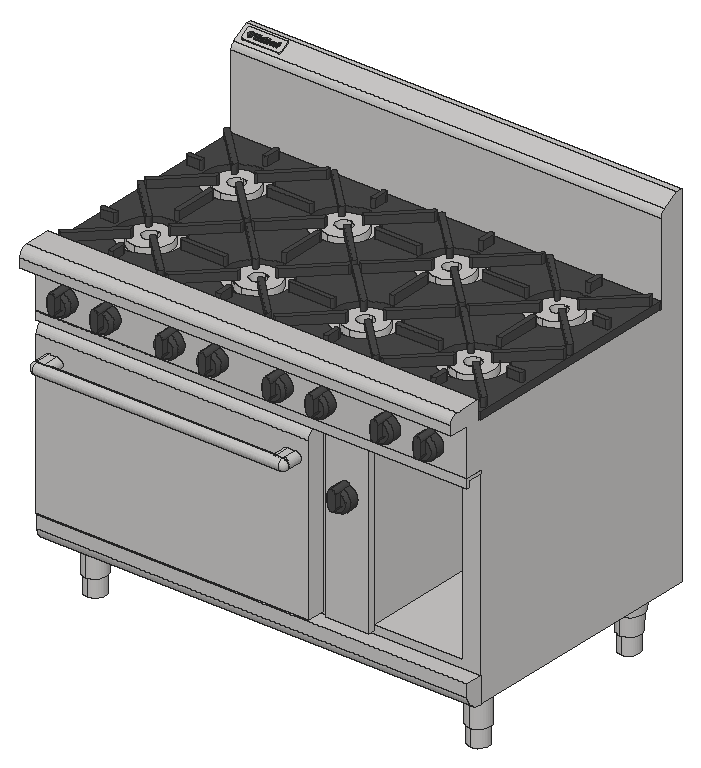
Revit family "QF_MOFFAT WALDORF_RN8810G", category Specialty Equipment, Revit 2012 (continued)
Lines and regions (mm)
  Split face 19
    outline origin (405, -16.5, 1130) x (0, -0.866025, -0.5) y (1, 0, 0)
      loop
        line (34.599, 230.5) -> (1.962, 230.5) -> (1.962, 210.5) -> (34.599, 210.5) -> (34.599, 230.5)
  Split face 20
    outline origin (405, -16.5, 1130) x (0, -0.866025, -0.5) y (1, 0, 0)
      loop
        line (34.599, 257.5) -> (1.962, 257.5) -> (1.962, 237.5) -> (34.599, 237.5) -> (34.599, 257.5)
  Split face 21
    outline origin (459, -16.5, 1130) x (0, -0.866025, -0.5) y (1, 0, 0)
      loop
        line (34.599, 230.5) -> (1.962, 230.5) -> (1.962, 210.5) -> (34.599, 210.5) -> (34.599, 230.5)
  Split face 22
    outline origin (459, -16.5, 1130) x (0, -0.866025, -0.5) y (1, 0, 0)
      loop
        line (34.599, 257.5) -> (1.962, 257.5) -> (1.962, 237.5) -> (34.599, 237.5) -> (34.599, 257.5)
  Split face 23
    outline origin (540, -16.5, 1130) x (0, -0.866025, -0.5) y (1, 0, 0)
      loop
        line (34.599, 203.5) -> (1.962, 203.5) -> (1.962, 183.5) -> (34.599, 183.5) -> (34.599, 203.5)
  Split face 24
    outline origin (540, -16.5, 1130) x (0, -0.866025, -0.5) y (1, 0, 0)
      loop
        line (34.599, 230.5) -> (1.962, 230.5) -> (1.962, 210.5) -> (34.599, 210.5) -> (34.599, 230.5)
  Split face 25
    outline origin (540, -16.5, 1130) x (0, -0.866025, -0.5) y (1, 0, 0)
      loop
        line (34.599, 257.5) -> (1.962, 257.5) -> (1.962, 237.5) -> (34.599, 237.5) -> (34.599, 257.5)
  Split face 26
    outline origin (594, -16.5, 1130) x (0, -0.866025, -0.5) y (1, 0, 0)
      loop
        line (34.599, 230.5) -> (1.962, 230.5) -> (1.962, 210.5) -> (34.599, 210.5) -> (34.599, 230.5)
  Split face 27
    outline origin (594, -16.5, 1130) x (0, -0.866025, -0.5) y (1, 0, 0)
      loop
        line (34.599, 257.5) -> (1.962, 257.5) -> (1.962, 237.5) -> (34.599, 237.5) -> (34.599, 257.5)
  Split face 28
    outline origin (648, -16.5, 1130) x (0, -0.866025, -0.5) y (1, 0, 0)
      loop
        line (34.599, 230.5) -> (1.962, 230.5) -> (1.962, 210.5) -> (34.599, 210.5) -> (34.599, 230.5)
  Split face 29
    outline origin (648, -16.5, 1130) x (0, -0.866025, -0.5) y (1, 0, 0)
      loop
        line (34.599, 257.5) -> (1.962, 257.5) -> (1.962, 237.5) -> (34.599, 237.5) -> (34.599, 257.5)
  Split face 30
    outline origin (702, -16.5, 1130) x (0, -0.866025, -0.5) y (1, 0, 0)
      loop
        line (34.599, 230.5) -> (1.962, 230.5) -> (1.962, 210.5) -> (34.599, 210.5) -> (34.599, 230.5)
  Split face 31
    outline origin (702, -16.5, 1130) x (0, -0.866025, -0.5) y (1, 0, 0)
      loop
        line (34.599, 257.5) -> (1.962, 257.5) -> (1.962, 237.5) -> (34.599, 237.5) -> (34.599, 257.5)
  Split face 32
    outline origin (756, -16.5, 1130) x (0, -0.866025, -0.5) y (1, 0, 0)
      loop
        line (34.599, 230.5) -> (1.962, 230.5) -> (1.962, 210.5) -> (34.599, 210.5) -> (34.599, 230.5)
  Split face 33
    outline origin (756, -16.5, 1130) x (0, -0.866025, -0.5) y (1, 0, 0)
      loop
        line (34.599, 257.5) -> (1.962, 257.5) -> (1.962, 237.5) -> (34.599, 237.5) -> (34.599, 257.5)
  Split face 34
    outline origin (810, -16.5, 1130) x (0, -0.866025, -0.5) y (1, 0, 0)
      loop
        line (34.599, 230.5) -> (1.962, 230.5) -> (1.962, 210.5) -> (34.599, 210.5) -> (34.599, 230.5)
  Split face 35
    outline origin (810, -16.5, 1130) x (0, -0.866025, -0.5) y (1, 0, 0)
      loop
        line (34.599, 257.5) -> (1.962, 257.5) -> (1.962, 237.5) -> (34.599, 237.5) -> (34.599, 257.5)
  Split face 36
    outline origin (864, -16.5, 1130) x (0, -0.866025, -0.5) y (1, 0, 0)
      loop
        line (34.599, 230.5) -> (1.962, 230.5) -> (1.962, 210.5) -> (34.599, 210.5) -> (34.599, 230.5)
  symbolic lines
    curve 1: line (0, 0, 0) -> (0, -805, 0)
    curve 2: line (1200, 0, 0) -> (0, 0, 0)
    curve 3: line (1200, -805, 0) -> (1200, 0, 0)
    curve 4: line (0, -70, 0) -> (1200, -70, 0)
    curve 5: line (12.5, -51.234, 0) -> (12.5, -20.958, 0)
    curve 6: line (12.5, -20.958, 0) -> (121.5, -20.958, 0)
    curve 7: line (12.5, -51.234, 0) -> (121.5, -51.234, 0)
    curve 8: line (121.5, -20.958, 0) -> (121.5, -51.234, 0)
    curve 9: line (129.583, -22.262, 0) -> (129.583, -50.526, 0)
    curve 10: line (129.583, -50.526, 0) -> (149.583, -50.526, 0)
    curve 11: line (149.583, -50.526, 0) -> (149.583, -22.262, 0)
    curve 12: line (149.583, -22.262, 0) -> (129.583, -22.262, 0)
    curve 13: line (156.5, -22.262, 0) -> (156.5, -50.526, 0)
    curve 14: line (156.5, -50.526, 0) -> (176.5, -50.526, 0)
    curve 15: line (176.5, -50.526, 0) -> (176.5, -22.262, 0)
    curve 16: line (176.5, -22.262, 0) -> (156.5, -22.262, 0)
    curve 17: line (183.5, -22.262, 0) -> (183.5, -50.526, 0)
    curve 18: line (183.5, -50.526, 0) -> (203.5, -50.526, 0)
    curve 19: line (203.5, -50.526, 0) -> (203.5, -22.262, 0)
    curve 20: line (203.5, -22.262, 0) -> (183.5, -22.262, 0)
    curve 21: line (210.5, -22.262, 0) -> (210.5, -50.526, 0)
    curve 22: line (210.5, -50.526, 0) -> (230.5, -50.526, 0)
    curve 23: line (230.5, -50.526, 0) -> (230.5, -22.262, 0)
    curve 24: line (230.5, -22.262, 0) -> (210.5, -22.262, 0)
    curve 25: line (1200, -805, 0) -> (0, -805, 0)
    curve 26: line (237.5, -22.262, 0) -> (237.5, -50.526, 0)
    curve 27: line (237.5, -50.526, 0) -> (257.5, -50.526, 0)
    curve 28: line (257.5, -50.526, 0) -> (257.5, -22.262, 0)
    curve 29: line (257.5, -22.262, 0) -> (237.5, -22.262, 0)
    curve 30: line (1200, -709, 0) -> (0, -709, 0)
    curve 31: line (0, -705.7, 0) -> (1200, -705.7, 0)
    curve 32: line (1200, -72.734, 0) -> (0, -72.734, 0)
    curve 33: arc (22.65, -805, 0) -> (34.104, -815.278, 0) -> (48.889, -819.544, 0) r 34.455
    curve 34: line (48.889, -819.544, 0) -> (718.108, -819.544, 0)
    curve 35: arc (718.108, -819.544, 0) -> (732.653, -815.647, 0) -> (743.3, -805, 0) r 29.089
    curve 36: line (6.08, -94.387, 0) -> (121.515, -209.822, 0)
    curve 37: line (293.92, -94.387, 0) -> (178.485, -209.822, 0)
    curve 38: line (6.08, -380.613, 0) -> (121.515, -265.178, 0)
    curve 39: line (293.92, -380.613, 0) -> (178.485, -265.178, 0)
    curve 40: line (362.78, -237.81, 0) -> (237.78, -237.81, 0)
    curve 41: line (362.78, -537.81, 0) -> (237.78, -537.81, 0)
    curve 42: line (6.08, -394.655, 0) -> (121.515, -510.089, 0)
    curve 43: line (293.92, -394.655, 0) -> (178.485, -510.089, 0)
    curve 44: line (6.08, -680.881, 0) -> (121.515, -565.446, 0)
    curve 45: line (293.92, -680.881, 0) -> (178.485, -565.446, 0)
    curve 46: arc (150, -294.5, 0) -> (207, -237.5, 0) -> (150, -180.5, 0) r 57
    curve 47: arc (150, -180.5, 0) -> (93, -237.5, 0) -> (150, -294.5, 0) r 57
    curve 48: arc (150, -594.5, 0) -> (207, -537.5, 0) -> (150, -480.5, 0) r 57
    curve 49: arc (150, -480.5, 0) -> (93, -537.5, 0) -> (150, -594.5, 0) r 57
    curve 50: line (264.5, -22.262, 0) -> (264.5, -50.526, 0)
    curve 51: line (264.5, -50.526, 0) -> (284.5, -50.526, 0)
    curve 52: line (284.5, -50.526, 0) -> (284.5, -22.262, 0)
    curve 53: line (284.5, -22.262, 0) -> (264.5, -22.262, 0)
    curve 54: line (291.5, -22.262, 0) -> (291.5, -50.526, 0)
    curve 55: line (291.5, -50.526, 0) -> (311.5, -50.526, 0)
    curve 56: line (311.5, -50.526, 0) -> (311.5, -22.262, 0)
    curve 57: line (311.5, -22.262, 0) -> (291.5, -22.262, 0)
    curve 58: line (318.5, -22.262, 0) -> (318.5, -50.526, 0)
    curve 59: line (318.5, -50.526, 0) -> (338.5, -50.526, 0)
    curve 60: line (338.5, -50.526, 0) -> (338.5, -22.262, 0)
    curve 61: line (338.5, -22.262, 0) -> (318.5, -22.262, 0)
    curve 62: line (345.5, -22.262, 0) -> (345.5, -50.526, 0)
    curve 63: line (345.5, -50.526, 0) -> (365.5, -50.526, 0)
    curve 64: line (365.5, -50.526, 0) -> (365.5, -22.262, 0)
    curve 65: line (365.5, -22.262, 0) -> (345.5, -22.262, 0)
    curve 66: line (372.5, -22.262, 0) -> (372.5, -50.526, 0)
    curve 67: line (372.5, -50.526, 0) -> (392.5, -50.526, 0)
    curve 68: line (392.5, -50.526, 0) -> (392.5, -22.262, 0)
    curve 69: line (392.5, -22.262, 0) -> (372.5, -22.262, 0)
    curve 70: line (399.5, -22.262, 0) -> (399.5, -50.526, 0)
    curve 71: line (399.5, -50.526, 0) -> (419.5, -50.526, 0)
    curve 72: line (419.5, -50.526, 0) -> (419.5, -22.262, 0)
    curve 73: line (419.5, -22.262, 0) -> (399.5, -22.262, 0)
    curve 74: line (426.5, -22.262, 0) -> (426.5, -50.526, 0)
    curve 75: line (426.5, -50.526, 0) -> (446.5, -50.526, 0)
    curve 76: line (446.5, -50.526, 0) -> (446.5, -22.262, 0)
    curve 77: line (446.5, -22.262, 0) -> (426.5, -22.262, 0)
    curve 78: line (453.5, -22.262, 0) -> (453.5, -50.526, 0)
    curve 79: line (453.5, -50.526, 0) -> (473.5, -50.526, 0)
    curve 80: line (473.5, -50.526, 0) -> (473.5, -22.262, 0)
    curve 81: line (473.5, -22.262, 0) -> (453.5, -22.262, 0)
    curve 82: line (480.5, -22.262, 0) -> (480.5, -50.526, 0)
    curve 83: line (480.5, -50.526, 0) -> (500.5, -50.526, 0)
    curve 84: line (500.5, -50.526, 0) -> (500.5, -22.262, 0)
    curve 85: line (500.5, -22.262, 0) -> (480.5, -22.262, 0)
    curve 86: line (507.5, -22.262, 0) -> (507.5, -50.526, 0)
    curve 87: line (507.5, -50.526, 0) -> (527.5, -50.526, 0)
    curve 88: line (527.5, -50.526, 0) -> (527.5, -22.262, 0)
    curve 89: line (527.5, -22.262, 0) -> (507.5, -22.262, 0)
    curve 90: line (534.5, -22.262, 0) -> (534.5, -50.526, 0)
    curve 91: line (534.5, -50.526, 0) -> (554.5, -50.526, 0)
    curve 92: line (554.5, -50.526, 0) -> (554.5, -22.262, 0)
    curve 93: line (554.5, -22.262, 0) -> (534.5, -22.262, 0)
    curve 94: line (561.5, -22.262, 0) -> (561.5, -50.526, 0)
    curve 95: line (561.5, -50.526, 0) -> (581.5, -50.526, 0)
    curve 96: line (581.5, -50.526, 0) -> (581.5, -22.262, 0)
    curve 97: line (581.5, -22.262, 0) -> (561.5, -22.262, 0)
    curve 98: line (588.5, -22.262, 0) -> (588.5, -50.526, 0)
    curve 99: line (588.5, -50.526, 0) -> (608.5, -50.526, 0)
    curve 100: line (608.5, -50.526, 0) -> (608.5, -22.262, 0)
    curve 101: line (608.5, -22.262, 0) -> (588.5, -22.262, 0)
    curve 102: line (615.5, -22.262, 0) -> (615.5, -50.526, 0)
    curve 103: line (615.5, -50.526, 0) -> (635.5, -50.526, 0)
    curve 104: line (635.5, -50.526, 0) -> (635.5, -22.262, 0)
    curve 105: line (635.5, -22.262, 0) -> (615.5, -22.262, 0)
    curve 106: line (642.5, -22.262, 0) -> (642.5, -50.526, 0)
    curve 107: line (642.5, -50.526, 0) -> (662.5, -50.526, 0)
    curve 108: line (662.5, -50.526, 0) -> (662.5, -22.262, 0)
    curve 109: line (662.5, -22.262, 0) -> (642.5, -22.262, 0)
    curve 110: line (669.5, -22.262, 0) -> (669.5, -50.526, 0)
    curve 111: line (669.5, -50.526, 0) -> (689.5, -50.526, 0)
    curve 112: line (689.5, -50.526, 0) -> (689.5, -22.262, 0)
    curve 113: line (689.5, -22.262, 0) -> (669.5, -22.262, 0)
    curve 114: line (696.5, -22.262, 0) -> (696.5, -50.526, 0)
    curve 115: line (696.5, -50.526, 0) -> (716.5, -50.526, 0)
    curve 116: line (716.5, -50.526, 0) -> (716.5, -22.262, 0)
    curve 117: line (716.5, -22.262, 0) -> (696.5, -22.262, 0)
    curve 118: line (723.5, -22.262, 0) -> (723.5, -50.526, 0)
    curve 119: line (723.5, -50.526, 0) -> (743.5, -50.526, 0)
    curve 120: line (743.5, -50.526, 0) -> (743.5, -22.262, 0)
    curve 121: line (743.5, -22.262, 0) -> (723.5, -22.262, 0)
    curve 122: line (750.5, -22.262, 0) -> (750.5, -50.526, 0)
    curve 123: line (750.5, -50.526, 0) -> (770.5, -50.526, 0)
    curve 124: line (770.5, -50.526, 0) -> (770.5, -22.262, 0)
    curve 125: line (770.5, -22.262, 0) -> (750.5, -22.262, 0)
    curve 126: line (777.5, -22.262, 0) -> (777.5, -50.526, 0)
    curve 127: line (777.5, -50.526, 0) -> (797.5, -50.526, 0)
    curve 128: line (797.5, -50.526, 0) -> (797.5, -22.262, 0)
    curve 129: line (797.5, -22.262, 0) -> (777.5, -22.262, 0)
    curve 130: line (804.5, -22.262, 0) -> (804.5, -50.526, 0)
    curve 131: line (804.5, -50.526, 0) -> (824.5, -50.526, 0)
    curve 132: line (824.5, -50.526, 0) -> (824.5, -22.262, 0)
    curve 133: line (824.5, -22.262, 0) -> (804.5, -22.262, 0)
    curve 134: line (831.5, -22.262, 0) -> (831.5, -50.526, 0)
    curve 135: line (831.5, -50.526, 0) -> (851.5, -50.526, 0)
    curve 136: line (851.5, -50.526, 0) -> (851.5, -22.262, 0)
    curve 137: line (851.5, -22.262, 0) -> (831.5, -22.262, 0)
    curve 138: line (858.5, -22.262, 0) -> (858.5, -50.526, 0)
    curve 139: line (858.5, -50.526, 0) -> (878.5, -50.526, 0)
    curve 140: line (878.5, -50.526, 0) -> (878.5, -22.262, 0)
    curve 141: line (878.5, -22.262, 0) -> (858.5, -22.262, 0)
    curve 142: line (885.5, -22.262, 0) -> (885.5, -50.526, 0)
    curve 143: line (885.5, -50.526, 0) -> (905.5, -50.526, 0)
    curve 144: line (905.5, -50.526, 0) -> (905.5, -22.262, 0)
    curve 145: line (905.5, -22.262, 0) -> (885.5, -22.262, 0)
    curve 146: line (912.5, -22.262, 0) -> (912.5, -50.526, 0)
    curve 147: line (912.5, -50.526, 0) -> (932.5, -50.526, 0)
    curve 148: line (932.5, -50.526, 0) -> (932.5, -22.262, 0)
    curve 149: line (932.5, -22.262, 0) -> (912.5, -22.262, 0)
    curve 150: line (939.5, -22.262, 0) -> (939.5, -50.526, 0)
    curve 151: line (939.5, -50.526, 0) -> (959.5, -50.526, 0)
    curve 152: line (959.5, -50.526, 0) -> (959.5, -22.262, 0)
    curve 153: line (959.5, -22.262, 0) -> (939.5, -22.262, 0)
    curve 154: line (966.5, -22.262, 0) -> (966.5, -50.526, 0)
    curve 155: line (966.5, -50.526, 0) -> (986.5, -50.526, 0)
    curve 156: line (986.5, -50.526, 0) -> (986.5, -22.262, 0)
    curve 157: line (986.5, -22.262, 0) -> (966.5, -22.262, 0)
    curve 158: line (993.5, -22.262, 0) -> (993.5, -50.526, 0)
    curve 159: line (993.5, -50.526, 0) -> (1013.5, -50.526, 0)
    curve 160: line (1013.5, -50.526, 0) -> (1013.5, -22.262, 0)
    curve 161: line (1013.5, -22.262, 0) -> (993.5, -22.262, 0)
    curve 162: line (1020.5, -22.262, 0) -> (1020.5, -50.526, 0)
    curve 163: line (1020.5, -50.526, 0) -> (1040.5, -50.526, 0)
    curve 164: line (1040.5, -50.526, 0) -> (1040.5, -22.262, 0)
    curve 165: line (1040.5, -22.262, 0) -> (1020.5, -22.262, 0)
    curve 166: line (1047.5, -22.262, 0) -> (1047.5, -50.526, 0)
    curve 167: line (1047.5, -50.526, 0) -> (1067.5, -50.526, 0)
    curve 168: line (1067.5, -50.526, 0) -> (1067.5, -22.262, 0)
    curve 169: line (1067.5, -22.262, 0) -> (1047.5, -22.262, 0)
    curve 170: line (1074.5, -22.262, 0) -> (1074.5, -50.526, 0)
    curve 171: line (1074.5, -50.526, 0) -> (1094.5, -50.526, 0)
    curve 172: line (1094.5, -50.526, 0) -> (1094.5, -22.262, 0)
    curve 173: line (1094.5, -22.262, 0) -> (1074.5, -22.262, 0)
    curve 174: line (306.08, -94.387, 0) -> (421.515, -209.822, 0)
    curve 175: line (593.92, -94.387, 0) -> (478.485, -209.822, 0)
    curve 176: line (306.08, -380.613, 0) -> (421.515, -265.178, 0)
    curve 177: line (593.92, -380.613, 0) -> (478.485, -265.178, 0)
    curve 178: line (662.78, -237.81, 0) -> (537.78, -237.81, 0)
    curve 179: arc (450, -294.5, 0) -> (507, -237.5, 0) -> (450, -180.5, 0) r 57
    curve 180: arc (450, -180.5, 0) -> (393, -237.5, 0) -> (450, -294.5, 0) r 57
    curve 181: arc (750, -294.5, 0) -> (807, -237.5, 0) -> (750, -180.5, 0) r 57
    curve 182: arc (750, -180.5, 0) -> (693, -237.5, 0) -> (750, -294.5, 0) r 57
    curve 183: arc (1050, -294.5, 0) -> (1107, -237.5, 0) -> (1050, -180.5, 0) r 57
    curve 184: arc (1050, -180.5, 0) -> (993, -237.5, 0) -> (1050, -294.5, 0) r 57
    curve 185: line (606.08, -94.387, 0) -> (721.515, -209.822, 0)
    curve 186: line (893.92, -94.387, 0) -> (778.485, -209.822, 0)
    curve 187: line (606.08, -380.613, 0) -> (721.515, -265.178, 0)
    curve 188: line (893.92, -380.613, 0) -> (778.485, -265.178, 0)
    curve 189: line (962.78, -237.81, 0) -> (837.78, -237.81, 0)
    curve 190: line (906.08, -94.387, 0) -> (1021.515, -209.822, 0)
    curve 191: line (1193.92, -94.387, 0) -> (1078.485, -209.822, 0)
    curve 192: line (906.08, -380.613, 0) -> (1021.515, -265.178, 0)
    curve 193: line (1193.92, -380.613, 0) -> (1078.485, -265.178, 0)
    curve 194: line (906.08, -394.387, 0) -> (1021.515, -509.822, 0)
    curve 195: line (1193.92, -394.387, 0) -> (1078.485, -509.822, 0)
    curve 196: line (906.08, -680.613, 0) -> (1021.515, -565.178, 0)
    curve 197: line (1193.92, -680.613, 0) -> (1078.485, -565.178, 0)
    curve 198: line (306.08, -394.655, 0) -> (421.515, -510.089, 0)
    curve 199: line (593.92, -394.655, 0) -> (478.485, -510.089, 0)
    curve 200: line (306.08, -680.881, 0) -> (421.515, -565.446, 0)
    curve 201: line (593.92, -680.881, 0) -> (478.485, -565.446, 0)
    curve 202: line (606.08, -394.655, 0) -> (721.515, -510.089, 0)
    curve 203: line (893.92, -394.655, 0) -> (778.485, -510.089, 0)
    curve 204: line (606.08, -680.881, 0) -> (721.515, -565.446, 0)
    curve 205: line (893.92, -680.881, 0) -> (778.485, -565.446, 0)
    curve 206: line (149.618, -450.258, 0) -> (149.618, -325.258, 0)
    curve 207: line (449.618, -450.258, 0) -> (449.618, -325.258, 0)
    curve 208: line (749.618, -450.258, 0) -> (749.618, -325.258, 0)
    curve 209: line (1049.618, -450.258, 0) -> (1049.618, -325.258, 0)
    curve 210: line (662.78, -537.81, 0) -> (537.78, -537.81, 0)
    curve 211: line (962.78, -537.81, 0) -> (837.78, -537.81, 0)
    curve 212: line (149.197, -139.807, 0) -> (149.197, -94.807, 0)
    curve 213: line (149.197, -674.807, 0) -> (149.197, -634.807, 0)
    curve 214: line (449.197, -139.807, 0) -> (449.197, -94.807, 0)
    curve 215: line (449.197, -674.807, 0) -> (449.197, -634.807, 0)
    curve 216: line (749.197, -139.807, 0) -> (749.197, -94.807, 0)
    curve 217: line (749.197, -674.807, 0) -> (749.197, -634.807, 0)
    curve 218: line (1049.197, -139.807, 0) -> (1049.197, -94.807, 0)
    curve 219: line (1049.197, -674.807, 0) -> (1049.197, -634.807, 0)
    curve 220: line (49.678, -236.51, 0) -> (14.678, -236.51, 0)
    curve 221: line (49.678, -536.51, 0) -> (14.678, -536.51, 0)
    curve 222: arc (450, -594.5, 0) -> (507, -537.5, 0) -> (450, -480.5, 0) r 57
    curve 223: arc (450, -480.5, 0) -> (393, -537.5, 0) -> (450, -594.5, 0) r 57
    curve 224: arc (750, -480.5, 0) -> (693, -537.5, 0) -> (750, -594.5, 0) r 57
    curve 225: arc (750, -594.5, 0) -> (807, -537.5, 0) -> (750, -480.5, 0) r 57
    curve 226: arc (1050, -480.5, 0) -> (993, -537.5, 0) -> (1050, -594.5, 0) r 57
    curve 227: arc (1050, -594.5, 0) -> (1107, -537.5, 0) -> (1050, -480.5, 0) r 57
    curve 228: line (1150.322, -236.51, 0) -> (1185.322, -236.51, 0)
    curve 229: line (1150.322, -536.51, 0) -> (1185.322, -536.51, 0)
    curve 233: arc (150, -322.5, 0) -> (65, -237.5, 0) -> (150, -152.5, 0) r 85
    curve 234: arc (150, -152.5, 0) -> (235, -237.5, 0) -> (150, -322.5, 0) r 85
    curve 235: arc (450, -322.5, 0) -> (365, -237.5, 0) -> (450, -152.5, 0) r 85
    curve 236: arc (450, -152.5, 0) -> (535, -237.5, 0) -> (450, -322.5, 0) r 85
    curve 237: arc (150, -452.768, 0) -> (235, -537.768, 0) -> (150, -622.768, 0) r 85
    curve 238: arc (150, -622.768, 0) -> (65, -537.768, 0) -> (150, -452.768, 0) r 85
    curve 239: arc (450, -622.768, 0) -> (365, -537.768, 0) -> (450, -452.768, 0) r 85
    curve 240: arc (450, -452.768, 0) -> (535, -537.768, 0) -> (450, -622.768, 0) r 85
    curve 241: arc (750, -322.5, 0) -> (665, -237.5, 0) -> (750, -152.5, 0) r 85
    curve 242: arc (750, -152.5, 0) -> (835, -237.5, 0) -> (750, -322.5, 0) r 85
    curve 243: arc (1050, -322.5, 0) -> (965, -237.5, 0) -> (1050, -152.5, 0) r 85
    curve 244: arc (1050, -152.5, 0) -> (1135, -237.5, 0) -> (1050, -322.5, 0) r 85
    curve 245: arc (750, -452.768, 0) -> (835, -537.768, 0) -> (750, -622.768, 0) r 85
    curve 246: arc (750, -622.768, 0) -> (665, -537.768, 0) -> (750, -452.768, 0) r 85
    curve 247: arc (1050, -622.768, 0) -> (965, -537.768, 0) -> (1050, -452.768, 0) r 85
    curve 248: arc (1050, -452.768, 0) -> (1135, -537.768, 0) -> (1050, -622.768, 0) r 85
    curve 249: line (300.232, -72.734, 0) -> (300.232, -705.7, 0)
    curve 250: line (0, -386.808, 0) -> (1200, -386.808, 0)
    curve 251: line (600, -72.734, 0) -> (600, -705.7, 0)
    curve 252: line (900, -72.734, 0) -> (900, -705.7, 0)
    curve 253: arc (150, -215.5, 0) -> (172, -237.5, 0) -> (150, -259.5, 0) r 22
    curve 254: arc (150, -259.5, 0) -> (128, -237.5, 0) -> (150, -215.5, 0) r 22
    curve 255: arc (450, -215.5, 0) -> (472, -237.5, 0) -> (450, -259.5, 0) r 22
    curve 256: arc (450, -259.5, 0) -> (428, -237.5, 0) -> (450, -215.5, 0) r 22
    curve 257: arc (750, -215.5, 0) -> (772, -237.5, 0) -> (750, -259.5, 0) r 22
    curve 258: arc (750, -259.5, 0) -> (728, -237.5, 0) -> (750, -215.5, 0) r 22
    curve 259: arc (1050, -215.5, 0) -> (1072, -237.5, 0) -> (1050, -259.5, 0) r 22
    curve 260: arc (1050, -259.5, 0) -> (1028, -237.5, 0) -> (1050, -215.5, 0) r 22
    curve 261: arc (1050, -515.5, 0) -> (1072, -537.5, 0) -> (1050, -559.5, 0) r 22
    curve 262: arc (1050, -559.5, 0) -> (1028, -537.5, 0) -> (1050, -515.5, 0) r 22
    curve 263: arc (750, -515.5, 0) -> (772, -537.5, 0) -> (750, -559.5, 0) r 22
    curve 264: arc (750, -559.5, 0) -> (728, -537.5, 0) -> (750, -515.5, 0) r 22
    curve 265: arc (450, -515.5, 0) -> (472, -537.5, 0) -> (450, -559.5, 0) r 22
    curve 266: arc (450, -559.5, 0) -> (428, -537.5, 0) -> (450, -515.5, 0) r 22
    curve 267: arc (150, -515.5, 0) -> (172, -537.5, 0) -> (150, -559.5, 0) r 22
    curve 268: arc (150, -559.5, 0) -> (128, -537.5, 0) -> (150, -515.5, 0) r 22
  symbolic lines, style "QF_Door-Drawer Clearances", visible <- "Show Clearance"
    curve 230: line (0, -1218.847, 0) -> (760, -1218.847, 0)
    curve 231: line (760, -1218.847, 0) -> (760, -805, 0)
    curve 232: line (0, -1218.847, 0) -> (0, -805, 0)
Dimensions and locks
  equal spacing: plane 3 "LEFT", plane 7 "Center Y", plane 4 "RIGHT"
  "Width": plane 3 "LEFT" to plane 4 "RIGHT"
  equal spacing: plane 5 "FRONT", plane 8 "Center X", plane 1 "BACK"
  plane 5 "FRONT" to plane 1 "BACK" = 805 mm  (x2)
  equal spacing: plane 4 "RIGHT", plane 7 "Center Y", plane 3 "LEFT"
  plane 4 "RIGHT" to plane 3 "LEFT" = 1200 mm
  "Height": plane 6 "TOP" to level
  plane 10 to plane 1 "BACK" = 574.272 mm
  plane 12 to plane 1 "BACK" = 304.972 mm  (x2)
  plane 11 to plane 3 "LEFT" = 60 mm
  plane 14 to plane 3 "LEFT" = 74 mm
  plane 9 to plane 3 "LEFT" = 280 mm
  "Depth": plane 1 "BACK" to plane 15
  plane 15 to plane 5 "FRONT" = 0 mm
  plane 6 "TOP" to plane 2 = 1130 mm
  locked: plane 2 to Extrusion 1 sketch curve at 861.8
  locked: plane 2 to Extrusion 1 sketch curve at 915
  locked: plane 4 "RIGHT" to plane 16 at 65.5
  Extrusion 10 sketch curve to plane 20 = 64.8 mm
  aligned and locked: level to plane 2
  aligned and locked: curve 3 to plane 4 "RIGHT"
  aligned and locked: Extrusion 1 to plane 4 "RIGHT"
  aligned and locked: plane 16 to Revolve 5
  aligned and locked: plane 16 to Revolve 4
  aligned and locked: plane 4 "RIGHT" to Extrusion 10 sketch curve
  aligned and locked: Extrusion 30 to Extrusion 2
Automatic sketch dimensions
  Extrusion 1 sketch curve to plane 5 "FRONT" = 0 mm
  Extrusion 1 sketch curve to plane 6 "TOP" = 0 mm
  Extrusion 1 sketch curve to plane 1 "BACK" = 0 mm
  Extrusion 1 sketch curve to plane 5 "FRONT" = 24 mm
  Extrusion 1 sketch curve to plane 5 "FRONT" = 56 mm
  Extrusion 1 sketch curve to Extrusion 1 sketch curve = 0 mm
  Extrusion 1 sketch curve to plane 5 "FRONT" = 58.27 mm
  Extrusion 1 sketch curve to Extrusion 1 sketch curve = 6.387 mm
  Extrusion 1 sketch curve to Extrusion 1 sketch curve = 8.776 mm
  Extrusion 1 sketch curve to Extrusion 1 sketch curve = 40 mm
  Extrusion 1 sketch curve to Extrusion 1 sketch curve = 43.174 mm
  Extrusion 1 sketch curve to Extrusion 1 sketch curve = 2.626 mm
  Extrusion 1 sketch curve to Extrusion 1 sketch curve = 41.683 mm
  Extrusion 1 sketch curve to Extrusion 1 sketch curve = 1.93 mm
  Extrusion 1 sketch curve to plane 17 = 38 mm
  Extrusion 1 sketch curve to Extrusion 1 sketch curve = 11.291 mm
  Extrusion 1 sketch curve to plane 17 = 15.418 mm
  plane 17 to Extrusion 1 sketch curve = 15.5 mm
  plane 18 to Extrusion 1 sketch curve = 81.219 mm
  Extrusion 1 sketch curve to Extrusion 1 sketch curve = 2.216 mm
  Extrusion 1 sketch curve to Extrusion 1 sketch curve = 7.004 mm
  Extrusion 1 sketch curve to Extrusion 1 sketch curve = 16.999 mm
  level to Extrusion 1 sketch curve = 222.5 mm
  Extrusion 1 sketch curve to Extrusion 1 sketch curve = 28.982 mm
  Extrusion 1 sketch curve to Extrusion 1 sketch curve = 34.5 mm
  Extrusion 1 sketch curve to Extrusion 1 sketch curve = 0.071 mm
  Extrusion 1 sketch curve to Extrusion 1 sketch curve = 4.2 mm
  Extrusion 1 sketch curve to plane 6 "TOP" = 43.926 mm
  plane 18 to Extrusion 2 sketch curve = 21 mm
  Extrusion 2 sketch curve to plane 5 "FRONT" = 56 mm
  Extrusion 2 sketch curve to Extrusion 2 sketch curve = 24 mm
  Extrusion 2 sketch curve to Extrusion 2 sketch curve = 50 mm
  level to Extrusion 2 sketch curve = 227.5 mm
  Extrusion 3 sketch curve to Extrusion 3 sketch curve = 15 mm
  level to Extrusion 3 sketch curve = 227.5 mm
  Revolve 4 sketch curve to level = 0 mm
  Revolve 4 sketch curve to plane 17 = 110.753 mm
  Revolve 4 sketch curve to Revolve 4 sketch curve = 4.159 mm
  Revolve 4 sketch curve to Revolve 4 sketch curve = 5.012 mm
  Revolve 4 sketch curve to Revolve 4 sketch curve = 1.832 mm
  Revolve 4 sketch curve to Revolve 4 sketch curve = 4.25 mm
  Revolve 4 sketch curve to Revolve 4 sketch curve = 42.753 mm
  Revolve 4 sketch curve to Revolve 4 sketch curve = 0 mm  (x2)
  level to Revolve 4 sketch curve = 50 mm
  Revolve 4 sketch curve to Revolve 4 sketch curve = 52.468 mm
  Revolve 4 sketch curve to Revolve 4 sketch curve = 47.532 mm
  Revolve 4 sketch curve to Revolve 4 sketch curve = 55 mm
  Revolve 5 sketch curve to level = 0 mm
  Revolve 5 sketch curve to plane 10 = 82.478 mm
  Revolve 5 sketch curve to Revolve 5 sketch curve = 4.25 mm
  Revolve 5 sketch curve to Revolve 5 sketch curve = 27.5 mm  (x2)
  level to Revolve 5 sketch curve = 50 mm
  Revolve 5 sketch curve to Revolve 5 sketch curve = 0 mm
  Revolve 5 sketch curve to Revolve 5 sketch curve = 100 mm
  Revolve 5 sketch curve to Revolve 5 sketch curve = 55 mm
  Revolve 6 sketch curve to level = 0 mm
  Revolve 6 sketch curve to plane 17 = 110.753 mm
  Revolve 6 sketch curve to Revolve 6 sketch curve = 0 mm  (x3)
  Revolve 6 sketch curve to Revolve 6 sketch curve = 4.159 mm
  Revolve 6 sketch curve to Revolve 6 sketch curve = 5.012 mm
  Revolve 6 sketch curve to Revolve 6 sketch curve = 1.832 mm
  Revolve 6 sketch curve to Revolve 6 sketch curve = 4.25 mm
  Revolve 6 sketch curve to Revolve 6 sketch curve = 42.753 mm
  Revolve 6 sketch curve to level = 55 mm
  Revolve 6 sketch curve to Revolve 6 sketch curve = 50 mm
  Revolve 6 sketch curve to Revolve 6 sketch curve = 52.468 mm
  Revolve 6 sketch curve to Revolve 6 sketch curve = 47.532 mm
  Revolve 7 sketch curve to level = 0 mm
  Revolve 7 sketch curve to plane 10 = 82.478 mm
  Revolve 7 sketch curve to Revolve 7 sketch curve = 4.25 mm
  Revolve 7 sketch curve to Revolve 7 sketch curve = 27.5 mm  (x2)
  Revolve 7 sketch curve to level = 55 mm
  Revolve 7 sketch curve to Revolve 7 sketch curve = 50 mm
  Revolve 7 sketch curve to Revolve 7 sketch curve = 0 mm
  Revolve 7 sketch curve to Revolve 7 sketch curve = 100 mm
  plane 17 to Extrusion 8 sketch curve = 0 mm
  Extrusion 8 sketch curve to plane 16 = 64.5 mm
  Revolve 12 sketch curve to plane 5 "FRONT" = 12 mm
  Revolve 12 sketch curve to Revolve 12 sketch curve = 0 mm  (x2)
  Revolve 12 sketch curve to Revolve 12 sketch curve = 11 mm
  Revolve 12 sketch curve to Revolve 12 sketch curve = 12.7 mm
  Revolve 12 sketch curve to Revolve 12 sketch curve = 23 mm
  Revolve 12 sketch curve to Revolve 12 sketch curve = 10 mm
  plane 18 to Revolve 12 sketch curve = 141.882 mm
  Revolve 12 sketch curve to Revolve 12 sketch curve = 5 mm
  Revolve 12 sketch curve to Revolve 12 sketch curve = 26.651 mm
  Revolve 12 sketch curve to Revolve 12 sketch curve = 5.849 mm
  Revolve 13 sketch curve to plane 5 "FRONT" = 12 mm
  Revolve 13 sketch curve to Revolve 13 sketch curve = 0 mm  (x2)
  Revolve 13 sketch curve to Revolve 13 sketch curve = 11 mm
  Revolve 13 sketch curve to Revolve 13 sketch curve = 12.7 mm
  Revolve 13 sketch curve to Revolve 13 sketch curve = 23 mm
  Revolve 13 sketch curve to Revolve 13 sketch curve = 10 mm
  plane 18 to Revolve 13 sketch curve = 141.882 mm
  Revolve 13 sketch curve to Revolve 13 sketch curve = 5 mm
  Revolve 13 sketch curve to Revolve 13 sketch curve = 26.651 mm
  Revolve 13 sketch curve to Revolve 13 sketch curve = 5.849 mm
  Revolve 14 sketch curve to plane 5 "FRONT" = 12 mm
  Revolve 14 sketch curve to Revolve 14 sketch curve = 0 mm  (x2)
  Revolve 14 sketch curve to Revolve 14 sketch curve = 11 mm
  Revolve 14 sketch curve to Revolve 14 sketch curve = 12.7 mm
  Revolve 14 sketch curve to Revolve 14 sketch curve = 23 mm
  Revolve 14 sketch curve to Revolve 14 sketch curve = 10 mm
  plane 18 to Revolve 14 sketch curve = 174.382 mm
  Revolve 14 sketch curve to Revolve 14 sketch curve = 5.849 mm
  Revolve 14 sketch curve to Revolve 14 sketch curve = 27.5 mm
  Revolve 14 sketch curve to Revolve 14 sketch curve = 5 mm
  Revolve 15 sketch curve to plane 5 "FRONT" = 12 mm
  Revolve 15 sketch curve to Revolve 15 sketch curve = 0 mm  (x2)
  Revolve 15 sketch curve to Revolve 15 sketch curve = 11 mm
  Revolve 15 sketch curve to Revolve 15 sketch curve = 12.7 mm
  Revolve 15 sketch curve to Revolve 15 sketch curve = 23 mm
  Revolve 15 sketch curve to Revolve 15 sketch curve = 10 mm
  plane 18 to Revolve 15 sketch curve = 174.382 mm
  Revolve 15 sketch curve to Revolve 15 sketch curve = 5.849 mm
  Revolve 15 sketch curve to Revolve 15 sketch curve = 27.5 mm
  Revolve 15 sketch curve to Revolve 15 sketch curve = 5 mm
  Revolve 16 sketch curve to plane 5 "FRONT" = 12 mm
  Revolve 16 sketch curve to Revolve 16 sketch curve = 0 mm  (x2)
  Revolve 16 sketch curve to Revolve 16 sketch curve = 11 mm
  Revolve 16 sketch curve to Revolve 16 sketch curve = 12.7 mm
  Revolve 16 sketch curve to Revolve 16 sketch curve = 23 mm
  Revolve 16 sketch curve to Revolve 16 sketch curve = 10 mm
  plane 18 to Revolve 16 sketch curve = 174.382 mm
  Revolve 16 sketch curve to Revolve 16 sketch curve = 5.849 mm
  Revolve 16 sketch curve to Revolve 16 sketch curve = 27.5 mm
  Revolve 16 sketch curve to Revolve 16 sketch curve = 5 mm
  Revolve 17 sketch curve to plane 5 "FRONT" = 12 mm
  Revolve 17 sketch curve to Revolve 17 sketch curve = 0 mm  (x2)
  Revolve 17 sketch curve to Revolve 17 sketch curve = 11 mm
  Revolve 17 sketch curve to Revolve 17 sketch curve = 12.7 mm
  Revolve 17 sketch curve to Revolve 17 sketch curve = 23 mm
  Revolve 17 sketch curve to Revolve 17 sketch curve = 10 mm
  plane 18 to Revolve 17 sketch curve = 174.382 mm
  Revolve 17 sketch curve to Revolve 17 sketch curve = 5.849 mm
  Revolve 17 sketch curve to Revolve 17 sketch curve = 27.5 mm
  Revolve 17 sketch curve to Revolve 17 sketch curve = 5 mm
  Revolve 18 sketch curve to plane 5 "FRONT" = 12 mm
  Revolve 18 sketch curve to Revolve 18 sketch curve = 0 mm  (x2)
  Revolve 18 sketch curve to Revolve 18 sketch curve = 11 mm
  Revolve 18 sketch curve to Revolve 18 sketch curve = 12.7 mm
  Revolve 18 sketch curve to Revolve 18 sketch curve = 23 mm
  Revolve 18 sketch curve to Revolve 18 sketch curve = 10 mm
  plane 18 to Revolve 18 sketch curve = 141.882 mm
  Revolve 18 sketch curve to Revolve 18 sketch curve = 5 mm
  Revolve 18 sketch curve to Revolve 18 sketch curve = 26.651 mm
  Revolve 18 sketch curve to Revolve 18 sketch curve = 5.849 mm
  Revolve 19 sketch curve to plane 5 "FRONT" = 12 mm
  Revolve 19 sketch curve to Revolve 19 sketch curve = 0 mm  (x2)
  Revolve 19 sketch curve to Revolve 19 sketch curve = 11 mm
  Revolve 19 sketch curve to Revolve 19 sketch curve = 12.7 mm
  Revolve 19 sketch curve to Revolve 19 sketch curve = 23 mm
  Revolve 19 sketch curve to Revolve 19 sketch curve = 10 mm
  plane 18 to Revolve 19 sketch curve = 141.882 mm
  Revolve 19 sketch curve to Revolve 19 sketch curve = 5 mm
  Revolve 19 sketch curve to Revolve 19 sketch curve = 26.651 mm
  Revolve 19 sketch curve to Revolve 19 sketch curve = 5.849 mm
  plane 14 to Extrusion 20 sketch curve = 26.156 mm
  plane 14 to Extrusion 20 sketch curve = 16.156 mm
  plane 18 to Extrusion 20 sketch curve = 168.882 mm
  Extrusion 20 sketch curve to Extrusion 20 sketch curve = 35 mm
  Extrusion 21 sketch curve to plane 9 = 59.844 mm
  Extrusion 21 sketch curve to Extrusion 21 sketch curve = 10 mm
  plane 18 to Extrusion 21 sketch curve = 168.882 mm
  Extrusion 21 sketch curve to Extrusion 21 sketch curve = 35 mm
  plane 9 to Extrusion 22 sketch curve = 119.507 mm
  Extrusion 22 sketch curve to Extrusion 22 sketch curve = 10 mm
  plane 18 to Extrusion 22 sketch curve = 168.882 mm
  Extrusion 22 sketch curve to Extrusion 22 sketch curve = 35 mm
  Extrusion 23 sketch curve to plane 7 "Center Y" = 80.493 mm
  Extrusion 23 sketch curve to Extrusion 23 sketch curve = 10 mm
  plane 18 to Extrusion 23 sketch curve = 168.882 mm
  Extrusion 23 sketch curve to Extrusion 23 sketch curve = 35 mm
  plane 7 "Center Y" to Extrusion 24 sketch curve = 100.108 mm
  Extrusion 24 sketch curve to Extrusion 24 sketch curve = 10 mm
  plane 18 to Extrusion 24 sketch curve = 168.882 mm
  Extrusion 24 sketch curve to Extrusion 24 sketch curve = 35 mm
  plane 7 "Center Y" to Extrusion 25 sketch curve = 220.108 mm
  Extrusion 25 sketch curve to Extrusion 25 sketch curve = 10 mm
  plane 18 to Extrusion 25 sketch curve = 168.882 mm
  Extrusion 25 sketch curve to Extrusion 25 sketch curve = 35 mm
  Extrusion 26 sketch curve to plane 16 = 134.417 mm
  Extrusion 26 sketch curve to Extrusion 26 sketch curve = 10 mm
  plane 18 to Extrusion 26 sketch curve = 168.882 mm
  Extrusion 26 sketch curve to Extrusion 26 sketch curve = 35 mm
  Extrusion 27 sketch curve to plane 16 = 14.417 mm
  Extrusion 27 sketch curve to Extrusion 27 sketch curve = 10 mm
  plane 18 to Extrusion 27 sketch curve = 168.882 mm
  Extrusion 27 sketch curve to Extrusion 27 sketch curve = 35 mm
  Revolve 28 sketch curve to plane 5 "FRONT" = 54.62 mm
  Revolve 28 sketch curve to Revolve 28 sketch curve = 0 mm  (x2)
  Revolve 28 sketch curve to Revolve 28 sketch curve = 11 mm
  Revolve 28 sketch curve to Revolve 28 sketch curve = 12.7 mm
  Revolve 28 sketch curve to Revolve 28 sketch curve = 23 mm
  Revolve 28 sketch curve to Revolve 28 sketch curve = 10 mm
  Revolve 28 sketch curve to plane 18 = 104.368 mm
  Revolve 28 sketch curve to Revolve 28 sketch curve = 5 mm
  Revolve 28 sketch curve to Revolve 28 sketch curve = 26.651 mm
  Revolve 28 sketch curve to Revolve 28 sketch curve = 5.849 mm
  plane 7 "Center Y" to Extrusion 29 sketch curve = 227.344 mm
  Extrusion 29 sketch curve to Extrusion 29 sketch curve = 10 mm
  Extrusion 29 sketch curve to plane 18 = 112.368 mm
  Extrusion 29 sketch curve to Extrusion 29 sketch curve = 35 mm
  curve 46 to curve 233 = 0 mm
  curve 47 to curve 234 = 0 mm
  curve 180 to curve 236 = 0 mm  (x2)
  curve 181 to curve 241 = 0 mm
  curve 182 to curve 242 = 0 mm
  curve 183 to curve 243 = 0 mm
  curve 184 to curve 243 = 0 mm
  plane 1 "BACK" to curve 1 = 0 mm
  curve 1 to plane 3 "LEFT" = 0 mm
  plane 5 "FRONT" to curve 33 = 0 mm
  curve 251 to plane 7 "Center Y" = 0 mm
  plane 3 "LEFT" to curve 44 = 6.08 mm
  plane 3 "LEFT" to curve 42 = 6.08 mm
  plane 3 "LEFT" to curve 38 = 6.08 mm
  plane 3 "LEFT" to curve 36 = 6.08 mm
  plane 3 "LEFT" to curve 5 = 12.5 mm
  plane 3 "LEFT" to curve 220 = 14.678 mm
  plane 3 "LEFT" to curve 221 = 14.678 mm
  plane 3 "LEFT" to curve 33 = 22.65 mm
  curve 34 to plane 11 = 11.111 mm
  curve 221 to plane 11 = 10.322 mm
  curve 220 to plane 11 = 10.322 mm
  curve 33 to plane 11 = 9.192 mm
  plane 17 to curve 8 = 11.042 mm
  plane 14 to curve 8 = 47.5 mm
  plane 14 to curve 36 = 47.515 mm
  plane 14 to curve 42 = 47.515 mm
  plane 14 to curve 38 = 47.515 mm
  plane 10 to curve 44 = 8.826 mm
  plane 14 to curve 44 = 47.515 mm
  curve 6 to curve 12 = 8.083 mm
  plane 14 to curve 212 = 75.197 mm
  plane 14 to curve 213 = 75.197 mm
  curve 9 to curve 10 = 20 mm
  curve 206 to plane 12 = 20.285 mm
  curve 38 to curve 206 = 28.103 mm
  curve 38 to curve 47 = 28.485 mm
  curve 42 to curve 49 = 28.485 mm
  curve 213 to curve 237 = 0.803 mm
  curve 10 to curve 13 = 6.917 mm
  plane 17 to curve 16 = 9.738 mm
  curve 13 to curve 16 = 20 mm
  plane 10 to curve 45 = 8.826 mm
  curve 237 to curve 45 = 28.485 mm
  curve 48 to curve 43 = 28.485 mm
  curve 46 to curve 37 = 28.485 mm
  plane 12 to curve 39 = 39.794 mm
  curve 46 to curve 39 = 28.485 mm
  curve 15 to curve 20 = 7 mm
  curve 17 to curve 18 = 20 mm
  curve 19 to curve 24 = 7 mm
  plane 17 to curve 23 = 9.738 mm
  curve 21 to curve 23 = 20 mm
  curve 22 to curve 26 = 7 mm
  curve 41 to plane 9 = 42.22 mm
  curve 40 to plane 9 = 42.22 mm
  plane 17 to curve 28 = 9.738 mm
  curve 26 to curve 28 = 20 mm
  curve 28 to curve 53 = 7 mm
  plane 9 to curve 51 = 4.5 mm
  curve 51 to curve 54 = 7 mm
  plane 9 to curve 45 = 13.92 mm
  plane 9 to curve 37 = 13.92 mm
  plane 9 to curve 43 = 13.92 mm
  plane 9 to curve 39 = 13.92 mm
  plane 9 to curve 249 = 20.232 mm
  curve 39 to curve 176 = 12.16 mm
  curve 45 to curve 200 = 12.16 mm
  curve 37 to curve 174 = 12.16 mm
  plane 8 "Center X" to curve 198 = 7.845 mm
  curve 43 to curve 198 = 12.16 mm
  plane 17 to curve 56 = 9.738 mm
  curve 54 to curve 56 = 20 mm
  curve 55 to curve 58 = 7 mm
  plane 17 to curve 61 = 9.738 mm
  curve 58 to curve 61 = 20 mm
  curve 59 to curve 62 = 7 mm
  plane 10 to curve 41 = 36.462 mm
  plane 9 to curve 41 = 82.78 mm
  plane 9 to curve 40 = 82.78 mm
  curve 62 to curve 64 = 20 mm
  curve 64 to curve 66 = 7 mm
  curve 66 to curve 67 = 20 mm
  curve 68 to curve 70 = 7 mm
  plane 17 to curve 73 = 9.738 mm
  curve 70 to curve 73 = 20 mm
  curve 40 to curve 174 = 58.735 mm
  plane 12 to curve 176 = 39.794 mm
  curve 176 to curve 174 = 0 mm
  plane 10 to curve 198 = 64.183 mm
  curve 41 to curve 198 = 58.735 mm
  plane 10 to curve 200 = 8.826 mm
  curve 200 to curve 198 = 0 mm
  curve 71 to curve 74 = 7 mm
  plane 17 to curve 77 = 9.738 mm
  curve 74 to curve 77 = 20 mm
  curve 174 to curve 214 = 27.682 mm
  curve 200 to curve 215 = 27.682 mm
  curve 207 to plane 12 = 20.285 mm
  curve 176 to curve 207 = 28.103 mm
  curve 222 to plane 10 = 20.228 mm
  curve 215 to curve 222 = 0.803 mm
  curve 214 to curve 235 = 0.803 mm
  curve 239 to curve 222 = 0 mm
  curve 75 to curve 79 = 7 mm
  plane 17 to curve 80 = 9.738 mm
  curve 78 to curve 80 = 20 mm
  curve 179 to curve 175 = 28.485 mm
  plane 12 to curve 177 = 39.794 mm
  curve 179 to curve 177 = 28.485 mm
  curve 222 to curve 199 = 28.485 mm
  plane 10 to curve 201 = 8.826 mm
  curve 239 to curve 201 = 28.485 mm
  curve 80 to curve 82 = 7 mm
  plane 17 to curve 84 = 9.738 mm
  curve 82 to curve 84 = 20 mm
  curve 84 to curve 86 = 7 mm
  plane 17 to curve 88 = 9.738 mm
  curve 86 to curve 88 = 20 mm
  curve 87 to curve 90 = 7 mm
  curve 178 to plane 7 "Center Y" = 62.22 mm
  curve 210 to plane 7 "Center Y" = 62.22 mm
  curve 90 to curve 92 = 20 mm
  curve 92 to curve 97 = 7 mm
  curve 96 to plane 7 "Center Y" = 18.5 mm
  curve 95 to curve 99 = 7 mm
  curve 175 to plane 7 "Center Y" = 6.08 mm
  curve 201 to plane 7 "Center Y" = 6.08 mm
  curve 177 to plane 7 "Center Y" = 6.08 mm
  curve 199 to plane 7 "Center Y" = 6.08 mm
  plane 7 "Center Y" to curve 185 = 6.08 mm
  plane 7 "Center Y" to curve 204 = 6.08 mm
  plane 7 "Center Y" to curve 187 = 6.08 mm
  plane 7 "Center Y" to curve 202 = 6.08 mm
  plane 7 "Center Y" to curve 100 = 8.5 mm
  curve 99 to curve 102 = 7 mm
  plane 17 to curve 104 = 9.738 mm
  curve 102 to curve 104 = 20 mm
  curve 103 to curve 107 = 7 mm
  plane 17 to curve 108 = 9.738 mm
  curve 106 to curve 108 = 20 mm
  plane 7 "Center Y" to curve 210 = 62.78 mm
  plane 7 "Center Y" to curve 178 = 62.78 mm
  curve 107 to curve 111 = 7 mm
  curve 110 to curve 112 = 20 mm
  curve 112 to curve 114 = 7 mm
  plane 17 to curve 117 = 9.738 mm
  curve 114 to curve 117 = 20 mm
  curve 35 to plane 5 "FRONT" = 14.544 mm
  plane 7 "Center Y" to curve 35 = 118.108 mm
  curve 210 to curve 202 = 58.735 mm
  plane 10 to curve 204 = 8.826 mm
  curve 204 to curve 202 = 0 mm
  plane 12 to curve 187 = 39.794 mm
  curve 178 to curve 187 = 58.735 mm
  curve 185 to curve 187 = 0 mm
  curve 116 to curve 118 = 7 mm
  curve 35 to curve 35 = 25.191 mm
  plane 17 to curve 120 = 9.738 mm
  curve 118 to curve 120 = 20 mm
  curve 119 to curve 216 = 5.697 mm
  curve 204 to curve 217 = 27.682 mm
  curve 208 to plane 12 = 20.285 mm
  curve 187 to curve 208 = 28.103 mm
  curve 202 to curve 245 = 28.485 mm
  curve 208 to curve 242 = 0.382 mm
  curve 224 to curve 245 = 0 mm
  curve 119 to curve 123 = 7 mm
  plane 7 "Center Y" to curve 230 = 160 mm
  plane 17 to curve 124 = 9.738 mm
  curve 122 to curve 124 = 20 mm
  curve 123 to curve 127 = 7 mm
  plane 10 to curve 205 = 8.826 mm
  curve 245 to curve 205 = 28.485 mm
  plane 12 to curve 188 = 39.794 mm
  curve 181 to curve 188 = 28.485 mm
  curve 181 to curve 186 = 28.485 mm
  plane 10 to curve 203 = 64.183 mm
  curve 224 to curve 203 = 28.485 mm
  plane 17 to curve 129 = 9.738 mm
  curve 126 to curve 129 = 20 mm
  curve 128 to curve 130 = 7 mm
  plane 17 to curve 133 = 9.738 mm
  curve 130 to curve 133 = 20 mm
  curve 131 to curve 135 = 7 mm
  curve 205 to curve 211 = 59.295 mm
  curve 188 to curve 189 = 59.295 mm
  plane 17 to curve 136 = 9.738 mm
  curve 134 to curve 136 = 20 mm
  curve 136 to curve 138 = 7 mm
  plane 17 to curve 140 = 9.738 mm
  curve 138 to curve 140 = 20 mm
  curve 139 to curve 143 = 7 mm
  curve 186 to plane 17 = 62.387 mm
  curve 142 to curve 186 = 8.42 mm
  curve 188 to plane 13 = 15.641 mm
  curve 189 to curve 188 = 56.14 mm
  curve 205 to plane 10 = 106.609 mm
  curve 217 to curve 205 = 144.723 mm
  plane 8 "Center X" to curve 203 = 7.845 mm
  curve 203 to curve 188 = 0 mm
  curve 205 to curve 252 = 6.08 mm
  plane 17 to curve 145 = 9.738 mm
  curve 142 to curve 145 = 20 mm
  curve 196 to plane 10 = 106.341 mm
  curve 205 to curve 196 = 12.16 mm
  curve 192 to plane 13 = 15.641 mm
  curve 188 to curve 192 = 12.16 mm
  curve 190 to plane 17 = 62.387 mm
  curve 186 to curve 190 = 12.16 mm
  plane 8 "Center X" to curve 194 = 8.113 mm
  curve 203 to curve 194 = 12.16 mm
  curve 143 to curve 147 = 7 mm
  plane 17 to curve 149 = 9.738 mm
  curve 146 to curve 149 = 20 mm
  curve 147 to curve 150 = 7 mm
  plane 17 to curve 152 = 9.738 mm
  curve 150 to curve 152 = 20 mm
  curve 189 to curve 189 = 125 mm
  plane 10 to curve 211 = 36.462 mm
  curve 211 to curve 211 = 125 mm
  curve 151 to curve 154 = 7 mm
  curve 154 to curve 155 = 20 mm
  curve 156 to curve 158 = 7 mm
  curve 158 to curve 160 = 20 mm
  curve 160 to curve 162 = 7 mm
  plane 10 to curve 196 = 9.094 mm
  curve 211 to curve 196 = 58.735 mm
  curve 194 to curve 196 = 0 mm
  plane 12 to curve 192 = 39.794 mm
  curve 189 to curve 192 = 58.735 mm
  curve 190 to curve 192 = 0 mm
  curve 162 to curve 164 = 20 mm
  curve 163 to curve 166 = 7 mm
  curve 219 to plane 16 = 85.303 mm
  curve 190 to curve 218 = 27.682 mm
  curve 209 to plane 12 = 20.285 mm
  curve 192 to curve 209 = 28.103 mm
  plane 12 to curve 183 = 10.472 mm
  curve 209 to curve 183 = 0.382 mm
  curve 194 to curve 227 = 28.485 mm
  curve 248 to curve 226 = 0 mm
  curve 166 to curve 168 = 20 mm
  curve 167 to curve 171 = 7 mm
  curve 183 to curve 193 = 28.485 mm
  curve 226 to curve 195 = 28.485 mm
  curve 183 to curve 191 = 28.485 mm
  plane 10 to curve 197 = 9.094 mm
  curve 247 to curve 197 = 28.485 mm
  curve 170 to curve 171 = 20 mm
  plane 16 to curve 228 = 15.822 mm
  plane 16 to curve 229 = 15.822 mm
  plane 4 "RIGHT" to curve 228 = 14.678 mm
  plane 4 "RIGHT" to curve 229 = 14.678 mm
  plane 4 "RIGHT" to curve 197 = 6.08 mm
  plane 4 "RIGHT" to curve 195 = 6.08 mm
  plane 4 "RIGHT" to curve 191 = 6.08 mm
  plane 4 "RIGHT" to curve 193 = 6.08 mm
  curve 232 to curve 33 = 399.303 mm
  curve 30 to plane 5 "FRONT" = 96 mm
  curve 30 to curve 31 = 3.3 mm
  curve 251 to curve 204 = 24.819 mm
  curve 201 to curve 204 = 0 mm
  curve 249 to curve 200 = 24.819 mm
  curve 45 to curve 200 = 0 mm
  curve 31 to curve 44 = 24.819 mm
  curve 31 to curve 197 = 25.087 mm
  curve 213 to plane 10 = 100.535 mm
  curve 219 to plane 10 = 100.535 mm
  curve 215 to curve 223 = 80.307 mm
  curve 217 to plane 10 = 100.535 mm
  curve 215 to curve 215 = 40 mm
  curve 217 to curve 217 = 40 mm
  curve 213 to curve 213 = 40 mm
  curve 219 to curve 219 = 40 mm
  curve 213 to curve 238 = 12.039 mm
  curve 219 to curve 248 = 12.039 mm
  curve 215 to curve 240 = 12.039 mm
  curve 217 to curve 245 = 12.039 mm
  curve 225 to plane 10 = 20.228 mm
  curve 226 to plane 10 = 20.228 mm
  curve 48 to plane 10 = 20.228 mm
  plane 10 to curve 210 = 36.462 mm
  plane 10 to curve 239 = 36.504 mm
  plane 10 to curve 237 = 36.504 mm
  plane 10 to curve 247 = 36.504 mm
  plane 10 to curve 246 = 36.504 mm
  curve 247 to curve 227 = 0.268 mm
  curve 239 to curve 223 = 0.268 mm
  curve 245 to curve 225 = 0.268 mm
  curve 237 to curve 49 = 0.268 mm
  plane 10 to curve 229 = 37.763 mm
  plane 10 to curve 221 = 37.763 mm
  curve 224 to curve 202 = 27.411 mm
  curve 222 to curve 199 = 27.411 mm
  curve 48 to curve 42 = 27.411 mm
  curve 48 to curve 43 = 27.411 mm
  curve 226 to curve 195 = 27.678 mm
  curve 226 to curve 194 = 27.678 mm
  curve 239 to curve 207 = 2.51 mm
  curve 247 to curve 209 = 2.51 mm
  curve 238 to curve 206 = 2.51 mm
  curve 246 to curve 208 = 2.51 mm
  plane 8 "Center X" to curve 42 = 7.845 mm
  plane 8 "Center X" to curve 202 = 7.845 mm
  plane 8 "Center X" to curve 43 = 7.845 mm
  plane 8 "Center X" to curve 199 = 7.845 mm
  plane 8 "Center X" to curve 195 = 8.113 mm
  curve 42 to curve 250 = 7.846 mm
  curve 199 to curve 177 = 14.041 mm
  curve 198 to curve 176 = 14.041 mm
  curve 250 to curve 38 = 6.195 mm
  curve 177 to curve 187 = 0 mm
  curve 39 to curve 176 = 0 mm
  curve 250 to curve 193 = 6.195 mm
  curve 209 to curve 243 = 2.758 mm
  curve 208 to curve 242 = 2.758 mm
  curve 206 to curve 234 = 2.758 mm
  curve 207 to curve 236 = 2.758 mm
  plane 12 to curve 46 = 10.472 mm
  plane 12 to curve 182 = 10.472 mm
  plane 12 to curve 180 = 10.472 mm
  plane 12 to curve 193 = 39.794 mm
  plane 12 to curve 38 = 39.794 mm
  curve 187 to curve 178 = 27.368 mm
  curve 192 to curve 189 = 27.368 mm
  curve 176 to curve 40 = 27.368 mm
  curve 192 to curve 184 = 27.678 mm
  curve 38 to curve 46 = 27.678 mm
  curve 187 to curve 182 = 27.678 mm
  curve 176 to curve 180 = 27.678 mm
  plane 12 to curve 228 = 68.463 mm
  plane 12 to curve 220 = 68.463 mm
  curve 179 to curve 174 = 27.678 mm
  curve 181 to curve 186 = 27.678 mm
  curve 46 to curve 37 = 27.678 mm
  curve 46 to curve 36 = 27.678 mm
  curve 183 to curve 190 = 27.678 mm
  curve 179 to curve 175 = 27.678 mm
  curve 181 to curve 185 = 27.678 mm
  curve 183 to curve 191 = 27.678 mm
  curve 243 to curve 218 = 12.693 mm
  curve 241 to curve 216 = 12.693 mm
  curve 235 to curve 214 = 12.693 mm
  curve 233 to curve 212 = 12.693 mm
  curve 216 to curve 216 = 45 mm
  curve 214 to curve 214 = 45 mm
  curve 212 to curve 212 = 45 mm
  curve 218 to curve 218 = 45 mm
  curve 191 to plane 17 = 62.387 mm
  curve 37 to plane 17 = 62.387 mm
  curve 36 to plane 17 = 62.387 mm
  curve 37 to curve 174 = 0 mm
  curve 175 to plane 17 = 62.387 mm
  curve 175 to curve 185 = 0 mm
  curve 190 to curve 252 = 21.653 mm
  curve 32 to curve 4 = 2.734 mm
  curve 7 to plane 17 = 19.234 mm
  curve 119 to plane 17 = 18.526 mm
  curve 10 to plane 17 = 18.526 mm
  curve 111 to plane 17 = 18.526 mm
  curve 119 to curve 122 = 0 mm
  curve 66 to plane 17 = 18.526 mm
  curve 123 to curve 126 = 0 mm
  curve 10 to curve 13 = 0 mm
  curve 108 to curve 110 = 0 mm
  curve 127 to curve 131 = 0 mm
  curve 60 to plane 17 = 18.526 mm
  curve 131 to curve 134 = 0 mm
  curve 67 to curve 70 = 0 mm
  curve 56 to curve 58 = 0 mm
  curve 135 to curve 138 = 0 mm
  curve 139 to curve 143 = 0 mm
  curve 104 to curve 106 = 0 mm
  curve 52 to curve 54 = 0 mm
  curve 143 to curve 146 = 0 mm
  curve 147 to curve 150 = 0 mm
  curve 151 to curve 154 = 0 mm
  curve 14 to curve 17 = 0 mm
  curve 71 to curve 74 = 0 mm
  curve 155 to curve 158 = 0 mm
  curve 100 to curve 102 = 0 mm
  curve 159 to curve 162 = 0 mm
  curve 64 to curve 66 = 0 mm
  curve 163 to curve 166 = 0 mm
  curve 96 to curve 98 = 0 mm
  curve 167 to curve 170 = 0 mm
  curve 18 to curve 21 = 0 mm
  curve 75 to curve 78 = 0 mm
  curve 92 to curve 94 = 0 mm
  curve 116 to curve 118 = 0 mm
  curve 88 to curve 90 = 0 mm
  curve 28 to curve 50 = 0 mm
  curve 84 to curve 86 = 0 mm
  plane 17 to curve 173 = 9.738 mm
  plane 17 to curve 169 = 9.738 mm
  plane 17 to curve 165 = 9.738 mm
  plane 17 to curve 161 = 9.738 mm
  curve 152 to curve 157 = 0 mm
  curve 15 to curve 17 = 0 mm
  curve 12 to curve 6 = 1.304 mm
  curve 108 to curve 113 = 0 mm
  plane 17 to curve 101 = 9.738 mm
  plane 17 to curve 97 = 9.738 mm
  curve 88 to curve 93 = 0 mm
  plane 17 to curve 69 = 9.738 mm
  curve 60 to curve 65 = 0 mm
  curve 28 to curve 53 = 0 mm
  Extrusion 1 to Split face 1 sketch curve = 1.962 mm
  Split face 1 sketch curve to Extrusion 1 = 14.14 mm
  Split face 1 sketch curve to Extrusion 1 = 129.583 mm
  Split face 1 sketch curve to Split face 1 sketch curve = 20 mm
  Extrusion 1 to Split face 2 sketch curve = 1.962 mm
  Split face 2 sketch curve to Extrusion 1 = 14.14 mm
  Split face 2 sketch curve to Extrusion 1 = 156.5 mm
  Split face 2 sketch curve to Split face 2 sketch curve = 20 mm
  Extrusion 1 to Split face 3 sketch curve = 1.962 mm
  Split face 3 sketch curve to Extrusion 1 = 14.14 mm
  Split face 3 sketch curve to Extrusion 1 = 183.5 mm
  Split face 3 sketch curve to Split face 3 sketch curve = 20 mm
  Extrusion 1 to Split face 4 sketch curve = 1.962 mm
  Split face 4 sketch curve to Extrusion 1 = 14.14 mm
  Split face 4 sketch curve to Extrusion 1 = 210.5 mm
  Split face 4 sketch curve to Split face 4 sketch curve = 20 mm
  Extrusion 1 to Split face 5 sketch curve = 1.962 mm
  Split face 5 sketch curve to Extrusion 1 = 14.14 mm
  Split face 5 sketch curve to Extrusion 1 = 237.5 mm
  Split face 5 sketch curve to Split face 5 sketch curve = 20 mm
  Extrusion 9 sketch curve to Extrusion 1 = 50 mm
  Extrusion 1 to Extrusion 9 sketch curve = 60.219 mm
  Extrusion 1 to Extrusion 9 sketch curve = 92.5 mm
  Extrusion 9 sketch curve to Extrusion 9 sketch curve = 250 mm
  plane 3 "LEFT" to Extrusion 10 sketch curve = 4 mm
  Extrusion 10 sketch curve to plane 17 = 39 mm
  Extrusion 10 sketch curve to Extrusion 10 sketch curve = 3 mm
  plane 12 to Extrusion 10 sketch curve = 67.472 mm  (x4)
  Extrusion 10 sketch curve to plane 5 "FRONT" = 104 mm  (x2)
  plane 4 "RIGHT" to Extrusion 10 sketch curve = 3 mm
  plane 14 to Extrusion 10 sketch curve = 76 mm  (x2)
  Extrusion 10 sketch curve to plane 7 "Center Y" = 150 mm  (x2)
  Extrusion 10 sketch curve to plane 16 = 84.5 mm  (x2)
  Extrusion 11 sketch curve to plane 17 = 61.602 mm  (x5)
  Extrusion 11 sketch curve to Extrusion 11 sketch curve = 0 mm  (x23)
  plane 3 "LEFT" to Extrusion 11 sketch curve = 15.153 mm
  Extrusion 11 sketch curve to plane 7 "Center Y" = 15.153 mm  (x2)
  plane 7 "Center Y" to Extrusion 11 sketch curve = 15.153 mm
  plane 4 "RIGHT" to Extrusion 11 sketch curve = 15.153 mm  (x2)
  plane 9 to Extrusion 11 sketch curve = 4.847 mm  (x3)
  Extrusion 11 sketch curve to Extrusion 11 sketch curve = 4.525 mm  (x48)
  Extrusion 11 sketch curve to plane 17 = 67.398 mm  (x4)
  Extrusion 11 sketch curve to Extrusion 11 sketch curve = 36.204 mm  (x8)
  Extrusion 11 sketch curve to Extrusion 11 sketch curve = 65.923 mm  (x4)
  plane 3 "LEFT" to Extrusion 11 sketch curve = 16.591 mm  (x2)
  plane 12 to Extrusion 11 sketch curve = 74.863 mm  (x2)
  plane 4 "RIGHT" to Extrusion 11 sketch curve = 15.648 mm  (x2)
  Extrusion 11 sketch curve to Extrusion 11 sketch curve = 20.524 mm  (x13)
  Extrusion 11 sketch curve to Extrusion 11 sketch curve = 6.4 mm  (x22)
  plane 12 to Extrusion 11 sketch curve = 40.548 mm  (x8)
  Extrusion 11 sketch curve to plane 12 = 24.426 mm  (x4)
